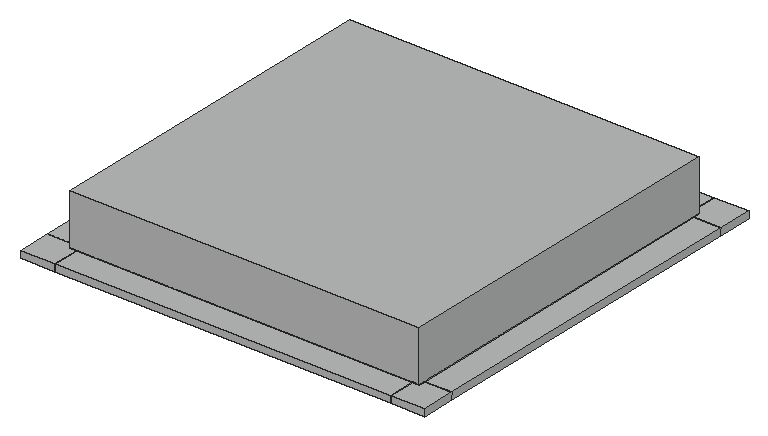
Revit family "ALUMOGIPS", category Осветительные приборы, Revit 2019 (continued)
Types (72, lengths in mm): name | Файл фотометрической сетки | built-in parameter 1150105 | Lumens | built-in parameter 1150106 | built-in parameter 1150142 | Wattage | Emit from Rectangle Width | Emit from Rectangle Length | Длина | Материал светильника | Ширина | ADSK_Ток | ADSK_Полная мощность | ADSK_Обозначение | ADSK_Номинальная мощность | ADSK_Наименование | ADSK_Масса | ADSK_Код изделия
  Alumogips-38/opal-sand 295х1195 (IP54, 4000К, белый) с БАП на 3 часа | "Светильник ALUMOGIPS-38 OPAL-SAND-(295x1195).ies" | 302.39 (stored number, unit not read) | 3800 lm | 3.0239 (stored number, unit not read) | "IESNA:LM-63-1995\r\n[TEST] Протокол №334/16 от 03.11.2016г. Испытательная лаборатория Государственного предприятия \"ЦСОТ НАН Беларуси\"\r\n[MORE] FFFFFFFD255B12BA015C13F525FB5F2F2\r\n[DATA] 02.11.2016\r\n[MANUFAC] ЗАО \"Центрстройсвет\"\r\n[LUMCAT] Светильник ALUMOGIPS-38/OPAL-SAND-(295X1195)\r\n[LUMINAIRE] офисное освещение\r\n[LAMP] \r\nTILT=NONE\r\n1    -1.0   1.000 91 181 1 2   .295   1.195   0.04\r\n1.0  1.0   37.90\r\n0.0 2.0 4.0 6.0 8.0 10.0 12.0 14.0 16.0 18.0 20.0 22.0 24.0 26.0 28.0 30.0 32.0 34.0 36.0 38.0 40.0 42.0 44.0 46.0 48.0 50.0 52.0 54.0 56.0 58.0 60.0 62.0 64.0 66.0 68.0 70.0 72.0 74.0 76.0 78.0 80.0 82.0 84.0 86.0 88.0 90.0 92.0 94.0 96.0 98.0 100.0 102.0 104.0 106.0 108.0 110.0 112.0 114.0 116.0 118.0 120.0 122.0 124.0 126.0 128.0 130.0 132.0 134.0 136.0 138.0 140.0 142.0 144.0 146.0 148.0 150.0 152.0 154.0 156.0 158.0 160.0 162.0 164.0 166.0 168.0 170.0 172.0 174.0 176.0 178.0 180.0 \r\n0.0 2.0 4.0 6.0 8.0 10.0 12.0 14.0 16.0 18.0 20.0 22.0 24.0 26.0 28.0 30.0 32.0 34.0 36.0 38.0 40.0 42.0 44.0 46.0 48.0 50.0 52.0 54.0 56.0 58.0 60.0 62.0 64.0 66.0 68.0 70.0 72.0 74.0 76.0 78.0 80.0 82.0 84.0 86.0 88.0 90.0 92.0 94.0 96.0 98.0 100.0 102.0 104.0 106.0 108.0 110.0 112.0 114.0 116.0 118.0 120.0 122.0 124.0 126.0 128.0 130.0 132.0 134.0 136.0 138.0 140.0 142.0 144.0 146.0 148.0 150.0 152.0 154.0 156.0 158.0 160.0 162.0 164.0 166.0 168.0 170.0 172.0 174.0 176.0 178.0 180.0 182.0 184.0 186.0 188.0 190.0 192.0 194.0 196.0 198.0 200.0 202.0 204.0 206.0 208.0 210.0 212.0 214.0 216.0 218.0 220.0 222.0 224.0 226.0 228.0 230.0 232.0 234.0 236.0 238.0 240.0 242.0 244.0 246.0 248.0 250.0 252.0 254.0 256.0 258.0 260.0 262.0 264.0 266.0 268.0 270.0 272.0 274.0 276.0 278.0 280.0 282.0 284.0 286.0 288.0 290.0 292.0 294.0 296.0 298.0 300.0 302.0 304.0 306.0 308.0 310.0 312.0 314.0 316.0 318.0 320.0 322.0 324.0 326.0 328.0 330.0 332.0 334.0 336.0 338.0 340.0 342.0 344.0 346.0 348.0 350.0 352.0 354.0 356.0 358.0 360.0 \r\n1417.637 1416.354 1411.816 1405.303 1395.733 1384.288 1370.276 1353.307 1334.658 1313.741 1290.456 1264.901 1237.669 1208.563 1177.582 1144.923 1111.476 1076.252 \r\n1039.646 1001.857 963.476 923.417 883.260 842.018 801.072 758.644 716.317 673.693 630.576 587.064 543.749 500.435 457.614 414.891 371.972 330.137 289.191 248.836 209.765 171.778 \r\n133.693 99.653 67.389 36.901 9.077 0.592 0.592 0.592 0.493 0.493 0.493 0.493 0.493 0.493 0.493 0.493 0.395 0.395 0.395 0.395 0.395 0.395 0.395 0.296 0.296 0.296 0.296 0.296 0.296 0.296 0.296 0.197 \r\n0.197 0.197 0.197 0.197 0.197 0.197 0.197 0.098 0.098 0.098 0.098 0.098 0.098 0.098 0.098 0.000 0.000 0.000 0.000 \r\n1417.637 1416.453 1411.914 1405.402 1395.930 1384.583 1370.671 1353.701 1335.053 1314.234 1290.850 1265.395 1238.261 1209.155 1178.075 1145.515 1112.067 1076.844 \r\n1040.239 1002.548 964.167 924.207 883.951 842.708 801.762 759.336 717.008 674.383 631.267 587.755 544.441 501.126 458.206 415.385 372.465 330.631 289.585 249.231 210.160 172.172 \r\n134.088 99.949 67.685 37.198 9.275 0.592 0.592 0.592 0.493 0.493 0.493 0.493 0.493 0.493 0.493 0.493 0.395 0.395 0.395 0.395 0.395 0.395 0.395 0.296 0.296 0.296 0.296 0.296 0.296 0.296 0.296 0.197 \r\n0.197 0.197 0.197 0.197 0.197 0.197 0.197 0.098 0.098 0.098 0.098 0.098 0.098 0.098 0.098 0.000 0.000 0.000 0.000 \r\n1417.637 1416.453 1412.013 1405.600 1396.226 1384.781 1370.968 1354.095 1335.448 1314.629 1291.344 1265.888 1238.754 1209.648 1178.667 1146.206 1112.758 1077.534 \r\n1040.929 1003.140 964.857 924.898 884.740 843.400 802.453 760.026 717.698 674.976 631.859 588.446 545.032 501.718 458.798 415.977 373.057 331.124 290.079 249.625 210.553 172.567 \r\n134.383 100.245 67.883 37.394 9.472 0.592 0.592 0.592 0.493 0.493 0.493 0.493 0.493 0.493 0.493 0.493 0.395 0.395 0.395 0.395 0.395 0.395 0.395 0.296 0.296 0.296 0.296 0.296 0.296 0.296 0.296 0.197 \r\n0.197 0.197 0.197 0.197 0.197 0.197 0.197 0.098 0.098 0.098 0.098 0.098 0.098 0.098 0.098 0.000 0.000 0.000 0.000 \r\n1417.637 1416.551 1412.111 1405.796 1396.423 1385.077 1371.264 1354.391 1335.842 1315.024 1291.837 1266.382 1239.248 1210.240 1179.259 1146.798 1113.350 1078.126 \r\n1041.620 1003.831 965.548 925.588 885.431 844.090 803.143 760.717 718.389 675.666 632.549 589.038 545.723 502.310 459.390 416.569 373.550 331.617 290.474 250.119 210.948 172.863 \r\n134.679 100.541 68.178 37.591 9.669 0.592 0.592 0.592 0.493 0.493 0.493 0.493 0.493 0.493 0.493 0.493 0.395 0.395 0.395 0.395 0.395 0.395 0.395 0.296 0.296 0.296 0.296 0.296 0.296 0.296 0.296 0.197 \r\n0.197 0.197 0.197 0.197 0.197 0.197 0.197 0.098 0.098 0.098 0.098 0.098 0.098 0.098 0.098 0.000 0.000 0.000 0.000 \r\n1417.637 1416.551 1412.309 1405.895 1396.621 1385.373 1371.559 1354.786 1336.237 1315.419 1292.232 1266.875 1239.742 1210.733 1179.851 1147.390 1113.942 1078.816 \r\n1042.310 1004.521 966.238 926.279 886.121 844.879 803.834 761.408 719.080 676.357 633.240 589.728 546.315 502.902 459.982 417.062 374.043 332.110 290.967 250.513 211.343 173.258 \r\n135.074 100.837 68.376 37.888 9.965 0.592 0.592 0.592 0.493 0.493 0.493 0.493 0.493 0.493 0.493 0.493 0.395 0.395 0.395 0.395 0.395 0.395 0.395 0.296 0.296 0.296 0.296 0.296 0.296 0.296 0.296 0.197 \r\n0.197 0.197 0.197 0.197 0.197 0.197 0.197 0.098 0.098 0.098 0.098 0.098 0.098 0.098 0.098 0.000 0.000 0.000 0.000 \r\n1417.637 1416.650 1412.407 1406.093 1396.917 1385.669 1371.954 1355.181 1336.632 1315.912 1292.725 1267.368 1240.334 1211.325 1180.443 1147.982 1114.633 1079.409 \r\n1042.903 1005.212 966.929 926.969 886.812 845.569 804.524 762.098 719.770 677.048 633.832 590.320 546.907 503.494 460.574 417.654 374.636 332.603 291.460 250.908 211.738 173.653 \r\n135.371 101.133 68.671 38.086 10.163 0.592 0.592 0.592 0.493 0.493 0.493 0.493 0.493 0.493 0.493 0.493 0.395 0.395 0.395 0.395 0.395 0.395 0.395 0.296 0.296 0.296 0.296 0.296 0.296 0.296 0.296 0.197 \r\n0.197 0.197 0.197 0.197 0.197 0.197 0.197 0.098 0.098 0.098 0.098 0.098 0.098 0.098 0.098 0.000 0.000 0.000 0.000 \r\n1417.637 1416.650 1412.506 1406.191 1397.114 1385.866 1372.250 1355.576 1337.027 1316.307 1293.218 1267.861 1240.827 1211.918 1181.035 1148.672 1115.225 1080.099 \r\n1043.593 1005.902 967.620 927.660 887.503 846.260 805.215 762.789 720.461 677.739 634.523 591.011 547.598 504.086 461.166 418.247 375.129 333.098 291.855 251.401 212.132 173.948 \r\n135.666 101.429 68.968 38.381 10.360 0.592 0.592 0.592 0.493 0.493 0.493 0.493 0.493 0.493 0.493 0.493 0.395 0.395 0.395 0.395 0.395 0.395 0.395 0.296 0.296 0.296 0.296 0.296 0.296 0.296 0.296 0.197 \r\n0.197 0.197 0.197 0.197 0.197 0.197 0.197 0.098 0.098 0.098 0.098 0.098 0.098 0.098 0.098 0.000 0.000 0.000 0.000 \r\n1417.637 1416.650 1412.604 1406.389 1397.311 1386.162 1372.546 1355.871 1337.421 1316.701 1293.613 1268.355 1241.320 1212.411 1181.627 1149.265 1115.816 1080.691 \r\n1044.284 1006.593 968.212 928.351 888.194 846.951 805.906 763.479 721.151 678.429 635.213 591.702 548.190 504.777 461.758 418.740 375.721 333.591 292.348 251.796 212.527 174.343 \r\n135.962 101.627 69.165 38.579 10.557 0.592 0.592 0.592 0.493 0.493 0.493 0.493 0.493 0.493 0.493 0.395 0.395 0.395 0.395 0.395 0.395 0.395 0.395 0.296 0.296 0.296 0.296 0.296 0.296 0.296 0.296 0.197 \r\n0.197 0.197 0.197 0.197 0.197 0.197 0.197 0.098 0.098 0.098 0.098 0.098 0.098 0.098 0.098 0.000 0.000 0.000 0.000 \r\n1417.637 1416.749 1412.704 1406.586 1397.607 1386.458 1372.941 1356.266 1337.815 1317.095 1294.106 1268.848 1241.813 1213.003 1182.219 1149.856 1116.409 1081.382 \r\n1044.876 1007.283 968.902 929.042 888.885 847.642 806.597 764.170 721.843 679.120 635.806 592.293 548.881 505.368 462.351 419.332 376.214 334.084 292.841 252.191 212.922 174.738 \r\n136.357 101.922 69.461 38.776 10.853 0.592 0.592 0.592 0.493 0.493 0.493 0.493 0.493 0.493 0.493 0.395 0.395 0.395 0.395 0.395 0.395 0.395 0.395 0.296 0.296 0.296 0.296 0.296 0.296 0.296 0.296 0.197 \r\n0.197 0.197 0.197 0.197 0.197 0.197 0.197 0.098 0.098 0.098 0.098 0.098 0.098 0.098 0.098 0.000 0.000 0.000 0.000 \r\n1417.637 1416.749 1412.802 1406.684 1397.805 1386.754 1373.237 1356.661 1338.210 1317.589 1294.599 1269.341 1242.406 1213.496 1182.811 1150.448 1117.099 1081.974 \r\n1045.566 1007.974 969.593 929.732 889.575 848.333 807.287 764.861 722.533 679.712 636.496 592.985 549.472 505.960 462.942 419.825 376.707 334.577 293.236 252.684 213.317 175.034 \r\n136.652 102.218 69.659 39.072 11.051 0.592 0.592 0.592 0.493 0.493 0.493 0.493 0.493 0.493 0.493 0.395 0.395 0.395 0.395 0.395 0.395 0.395 0.395 0.296 0.296 0.296 0.296 0.296 0.296 0.296 0.296 0.197 \r\n0.197 0.197 0.197 0.197 0.197 0.197 0.197 0.098 0.098 0.098 0.098 0.098 0.098 0.098 0.098 0.000 0.000 0.000 0.000 \r\n1417.637 1416.848 1412.901 1406.882 1398.002 1387.051 1373.533 1356.957 1338.605 1317.983 1294.994 1269.834 1242.899 1214.089 1183.403 1151.041 1117.692 1082.665 \r\n1046.257 1008.566 970.284 930.423 890.266 849.121 807.978 765.552 723.224 680.403 637.187 593.675 550.163 506.553 463.534 420.416 377.300 335.071 293.729 253.079 213.712 175.429 \r\n136.949 102.515 69.954 39.269 11.248 0.592 0.592 0.592 0.493 0.493 0.493 0.493 0.493 0.493 0.493 0.395 0.395 0.395 0.395 0.395 0.395 0.395 0.395 0.296 0.296 0.296 0.296 0.296 0.296 0.296 0.296 0.197 \r\n0.197 0.197 0.197 0.197 0.197 0.197 0.197 0.098 0.098 0.098 0.098 0.098 0.098 0.098 0.098 0.000 0.000 0.000 0.000 \r\n1417.637 1416.848 1412.999 1407.079 1398.298 1387.247 1373.829 1357.352 1339.000 1318.378 1295.488 1270.327 1243.392 1214.680 1183.995 1151.731 1118.283 1083.257 \r\n1046.849 1009.257 970.975 931.113 891.055 849.813 808.668 766.242 723.914 681.093 637.779 594.266 550.755 507.145 464.126 421.009 377.793 335.564 294.222 253.474 214.105 175.823 \r\n137.343 102.810 70.250 39.467 11.445 0.592 0.592 0.592 0.493 0.493 0.493 0.493 0.493 0.493 0.493 0.395 0.395 0.395 0.395 0.395 0.395 0.395 0.395 0.296 0.296 0.296 0.296 0.296 0.296 0.296 0.296 0.197 \r\n0.197 0.197 0.197 0.197 0.197 0.197 0.197 0.098 0.098 0.098 0.098 0.098 0.098 0.098 0.098 0.000 0.000 0.000 0.000 \r\n1417.637 1416.946 1413.098 1407.178 1398.495 1387.544 1374.223 1357.747 1339.395 1318.773 1295.882 1270.822 1243.886 1215.174 1184.587 1152.323 1118.974 1083.848 \r\n1047.540 1009.947 971.665 931.903 891.746 850.503 809.359 766.933 724.507 681.784 638.470 594.958 551.445 507.836 464.718 421.502 378.287 336.057 294.617 253.967 214.500 176.119 \r\n137.640 103.106 70.447 39.762 11.741 0.592 0.592 0.592 0.493 0.493 0.493 0.493 0.493 0.493 0.493 0.395 0.395 0.395 0.395 0.395 0.395 0.395 0.395 0.296 0.296 0.296 0.296 0.296 0.296 0.296 0.296 0.197 \r\n0.197 0.197 0.197 0.197 0.197 0.197 0.197 0.098 0.098 0.098 0.098 0.098 0.098 0.098 0.098 0.000 0.000 0.000 0.000 \r\n1417.637 1416.946 1413.197 1407.376 1398.693 1387.839 1374.520 1358.042 1339.789 1319.168 1296.376 1271.315 1244.477 1215.765 1185.179 1152.915 1119.566 1084.539 \r\n1048.230 1010.638 972.356 932.594 892.436 851.194 810.050 767.623 725.197 682.474 639.160 595.649 552.038 508.427 465.310 422.094 378.878 336.550 295.111 254.362 214.895 176.514 \r\n137.935 103.403 70.744 39.960 11.939 0.592 0.592 0.592 0.493 0.493 0.493 0.493 0.493 0.493 0.493 0.395 0.395 0.395 0.395 0.395 0.395 0.395 0.395 0.296 0.296 0.296 0.296 0.296 0.296 0.296 0.296 0.197 \r\n0.197 0.197 0.197 0.197 0.197 0.197 0.197 0.098 0.098 0.098 0.098 0.098 0.098 0.098 0.098 0.000 0.000 0.000 0.000 \r\n1417.637 1417.044 1413.295 1407.474 1398.890 1388.135 1374.815 1358.437 1340.184 1319.661 1296.869 1271.808 1244.971 1216.258 1185.673 1153.507 1120.158 1085.131 \r\n1048.823 1011.329 973.046 933.284 893.127 851.884 810.741 768.314 725.888 683.165 639.752 596.240 552.728 509.019 465.902 422.686 379.371 337.044 295.505 254.757 215.388 176.909 \r\n138.232 103.698 70.942 40.157 12.136 0.592 0.592 0.592 0.493 0.493 0.493 0.493 0.493 0.493 0.493 0.395 0.395 0.395 0.395 0.395 0.395 0.395 0.395 0.296 0.296 0.296 0.296 0.296 0.296 0.296 0.296 0.197 \r\n0.197 0.197 0.197 0.197 0.197 0.197 0.197 0.098 0.098 0.098 0.098 0.098 0.098 0.098 0.098 0.000 0.000 0.000 0.000 \r\n1417.637 1417.044 1413.394 1407.671 1399.187 1388.333 1375.111 1358.832 1340.578 1320.056 1297.264 1272.301 1245.464 1216.851 1186.264 1154.099 1120.849 1085.822 \r\n1049.513 1012.020 973.737 933.975 893.818 852.575 811.432 769.004 726.578 683.855 640.443 596.930 553.321 509.611 466.494 423.180 379.964 337.537 295.999 255.250 215.783 177.304 \r\n138.626 103.994 71.237 40.453 12.333 0.592 0.592 0.592 0.493 0.493 0.493 0.493 0.493 0.493 0.493 0.395 0.395 0.395 0.395 0.395 0.395 0.395 0.395 0.296 0.296 0.296 0.296 0.296 0.296 0.296 0.296 0.197 \r\n0.197 0.197 0.197 0.197 0.197 0.197 0.197 0.098 0.098 0.098 0.098 0.098 0.098 0.098 0.098 0.000 0.000 0.000 0.000 \r\n1417.637 1417.143 1413.492 1407.869 1399.383 1388.629 1375.506 1359.226 1340.973 1320.451 1297.757 1272.795 1246.056 1217.443 1186.856 1154.790 1121.441 1086.414 \r\n1050.204 1012.711 974.428 934.665 894.508 853.365 812.122 769.695 727.269 684.448 641.134 597.523 554.011 510.203 467.086 423.772 380.457 338.031 296.492 255.645 216.178 177.599 \r\n138.922 104.291 71.533 40.650 12.629 0.592 0.592 0.592 0.493 0.493 0.493 0.493 0.493 0.493 0.493 0.395 0.395 0.395 0.395 0.395 0.395 0.395 0.395 0.296 0.296 0.296 0.296 0.296 0.296 0.296 0.296 0.197 \r\n0.197 0.197 0.197 0.197 0.197 0.197 0.197 0.098 0.098 0.098 0.098 0.098 0.098 0.098 0.098 0.000 0.000 0.000 0.000 \r\n1417.637 1417.143 1413.592 1407.967 1399.580 1388.925 1375.803 1359.523 1341.367 1320.845 1298.250 1273.288 1246.550 1217.936 1187.448 1155.382 1122.032 1087.105 \r\n1050.894 1013.401 975.119 935.356 895.199 854.055 812.813 770.386 727.959 685.138 641.725 598.213 554.603 510.795 467.678 424.265 380.951 338.524 296.887 256.038 216.573 177.994 \r\n139.218 104.586 71.730 40.848 12.826 0.592 0.592 0.493 0.493 0.493 0.493 0.493 0.493 0.493 0.493 0.395 0.395 0.395 0.395 0.395 0.395 0.395 0.395 0.296 0.296 0.296 0.296 0.296 0.296 0.296 0.296 0.197 \r\n0.197 0.197 0.197 0.197 0.197 0.197 0.197 0.098 0.098 0.098 0.098 0.098 0.098 0.098 0.098 0.000 0.000 0.000 0.000 \r\n1417.637 1417.242 1413.690 1408.165 1399.877 1389.220 1376.098 1359.917 1341.762 1321.339 1298.645 1273.781 1247.043 1218.528 1188.041 1155.974 1122.723 1087.697 \r\n1051.487 1013.993 975.810 936.046 895.889 854.746 813.503 771.077 728.650 685.829 642.416 598.904 555.294 511.486 468.270 424.857 381.542 339.018 297.380 256.533 216.967 178.389 \r\n139.613 104.882 72.026 41.143 13.024 0.592 0.592 0.493 0.493 0.493 0.493 0.493 0.493 0.493 0.493 0.395 0.395 0.395 0.395 0.395 0.395 0.395 0.395 0.296 0.296 0.296 0.296 0.296 0.296 0.296 0.296 0.197 \r\n0.197 0.197 0.197 0.197 0.197 0.197 0.197 0.098 0.098 0.098 0.098 0.098 0.098 0.098 0.098 0.000 0.000 0.000 0.000 \r\n1417.637 1417.242 1413.789 1408.362 1400.075 1389.517 1376.394 1360.311 1342.157 1321.733 1299.138 1274.274 1247.536 1219.022 1188.632 1156.566 1123.315 1088.388 \r\n1052.177 1014.684 976.500 936.738 896.581 855.436 814.194 771.768 729.341 686.519 643.107 599.496 555.885 512.078 468.862 425.449 382.035 339.511 297.873 256.926 217.362 178.685 \r\n139.909 105.079 72.223 41.341 13.221 0.592 0.592 0.493 0.493 0.493 0.493 0.493 0.493 0.493 0.493 0.395 0.395 0.395 0.395 0.395 0.395 0.395 0.395 0.296 0.296 0.296 0.296 0.296 0.296 0.296 0.296 0.197 \r\n0.197 0.197 0.197 0.197 0.197 0.197 0.197 0.098 0.098 0.098 0.098 0.098 0.098 0.098 0.098 0.000 0.000 0.000 0.000 \r\n1417.637 1417.341 1413.986 1408.461 1400.271 1389.715 1376.789 1360.608 1342.552 1322.128 1299.632 1274.768 1248.128 1219.614 1189.224 1157.256 1123.907 1088.980 \r\n1052.868 1015.374 977.191 937.428 897.369 856.127 814.884 772.458 730.032 687.211 643.698 600.187 556.577 512.670 469.454 425.942 382.529 340.004 298.268 257.321 217.756 179.080 \r\n140.204 105.376 72.520 41.538 13.517 0.592 0.592 0.493 0.493 0.493 0.493 0.493 0
